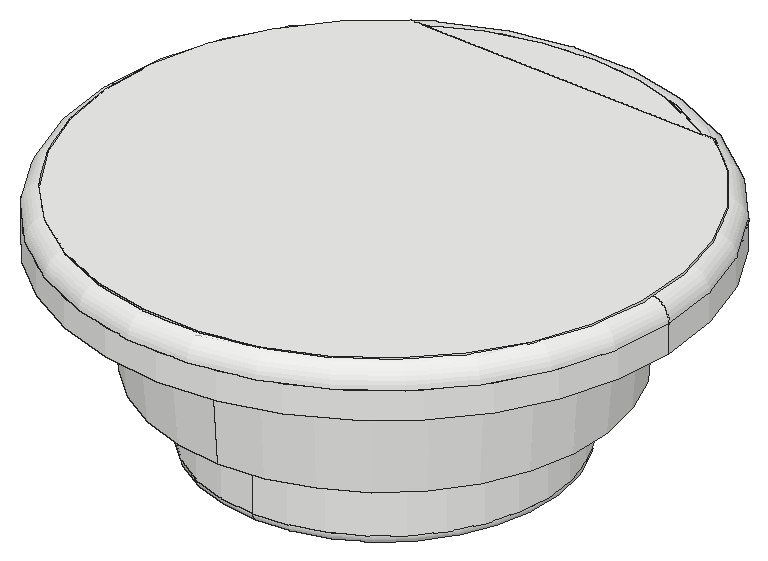
Revit family "Electronics_Commercial-Loudspeakers_Two-Way-Marine-Speaker_CMAR6T-W", category Communication Devices, host Face, Revit 2020
Family settings
  Host = Face
  Maintain Annotation Orientation = No
  Round Connector Dimension = Use Diameter
  Part Type = Normal
  OmniClass Number = 23.85.10.11.14.14.14
  OmniClass Title = Loudspeakers
  Cut with Voids When Loaded = No
  Shared = No
  Room Calculation Point = No
Parameters (values of type "CMAR6T-W")
  Grill Material = Biamp - Plastic - White(Grid)
  Frequency response in Hz = "78 - 20K"  # constant formula
  Woofer size in inch = "6.5"  # constant formula
  Vertical dispersion angle 1000 Hz = "180°"  # constant formula
  Tweeter size in inch = "1 inch"  # constant formula
  SPL 1W/1m in dB = "89"  # constant formula
  Max SPL 1m in dB = "104"  # constant formula
  Woofer cone material = "Polypropylene"  # constant formula
  Weight = 3.2408 lbf  # constant formula
  URL = "https://www.biamp.com/"
  Product data url = "https://bimobject.com/biamp/product/cmar6t-w_commercial-loudspeakers-ceiling"
  Product Page URL = "https://www.biamp.com/products/product-families/commercial-loudspeakers/ceiling-loudspeakers#cmar6t-w"
  Product Documentation Link = "https://downloads.biamp.com/assets/docs/default-source/data-sheets/biamp_data_sheet_cmar6t-w_aug20.pdf"
  Mounting system = "4 screws"  # constant formula
  Model = "CMAR6T-W"  # constant formula
  Manufacturer = "Biamp"  # constant formula
  Main construction material = "ABS plastic"  # constant formula
  Low impedance dynamic power in watts = "60"  # constant formula
  Low impedance RMS power in watts = "30"  # constant formula
  Loudspeaker system = "2-way"  # constant formula
  Installation grip range in mm = "1 - up"  # constant formula
  Impedance in ohms = "8"  # constant formula
  IP rating = "65"  # constant formula
  Housing Material = Biamp - Plastic - White
  Grille main material = "Stainless steel"  # constant formula
  Diameter = 0' - 7.48031"  # constant formula
  Description = "CMAR6T-W 6 Two-Way Built-in Marine Speaker 8 ohms/60W; 100V/20W"  # constant formula
  Depth = 0' - 2.40157"  # constant formula
  Default Elevation = 4' - 0"
  Cutout in mm = "151"  # constant formula
  Connector Description = "Terminal strip; Low impedance 8 ohms/60W, 100V operation"  # constant formula
  Colour = "White"  # constant formula
  Closest RAL colour (subject to deviations) = "RAL9003"  # constant formula
  Applicable low impedance = "Yes"  # constant formula
  Applicable in 100V = "Yes"  # constant formula
  100V transformer power taps in = "20 - 10 - 5 - 2.5"  # constant formula
Reference planes (in)
  plane 1 "Center (Front/Back)": y = 0
  plane 2: z = 0
  plane 3 "Center (Left/Right)": x = 0
Forms (in)
  Extrusion 1, solid, material "Biamp - Plastic - White" <- "Housing Material", detail levels coarse
    sketch origin (0, 0, 0) x (1, 0, 0) y (0, 1, 0)
      loop
        circle (0, 0) r 2.85433
    from -2.3622 to 0
  Extrusion 2, void
    sketch origin (0, 0, 0) x (1, 0, 0) y (0, 1, 0)
      loop
        circle (0, 0) r 2.85433
    from -2.3622 to 0
  Revolve 3, solid, material "Biamp - Plastic - White" <- "Housing Material", detail levels coarse
    sketch origin (0, 0, 0) x (1, 0, 0) y (0, 0, 1)
      loop
        line (0, 0) -> (0, 0.62992) -> (-3.45857, 0.62992)
        arc (-3.45857, 0.62992) -> (-3.65768, 0.54745) -> (-3.74016, 0.34834) r 0.28159
        line (-3.74016, 0.34834) -> (-3.74016, 0) -> (0, 0)
      axis (0, 0) -> (0, 0.62992)
    angle from 0 to 360
  Revolve 4, solid, material "Biamp - Plastic - White" <- "Housing Material", detail levels medium+fine
    sketch origin (0, 0, 0) x (1, 0, 0) y (0, 0, 1)
      loop
        line (0, 0) -> (0, 0.62992) -> (-3.45857, 0.62992)
        arc (-3.45857, 0.62992) -> (-3.65768, 0.54745) -> (-3.74016, 0.34834) r 0.28159
        line (-3.74016, 0.34834) -> (-3.74016, 0) -> (0, 0)
      axis (0, 0) -> (0, 0.62992)
    angle from 0 to 360
  Extrusion 5, void
    sketch origin (0, 0, 0) x (1, 0, 0) y (0, 1, 0)
      loop
        arc (-1.99504, 2.92828) -> (0, -3.54331) -> (1.99504, 2.92828) r 3.54331
        line (1.99504, 2.92828) -> (-1.99504, 2.92828)
    from 0.56493 to 0.62992
  Extrusion 6, solid, material "Biamp - Plastic - White(Grid)" <- "Grill Material", detail levels medium+fine
    sketch origin (0, 0, 0) x (1, 0, 0) y (0, 1, 0)
      loop
        line (1.99504, 2.92828) -> (-1.99504, 2.92828)
        arc (-1.99504, 2.92828) -> (0, -3.54331) -> (1.99504, 2.92828) r 3.54331
    from 0.56493 to 0.62992
  Revolve 7, solid, material "Biamp - Plastic - White" <- "Housing Material", detail levels medium+fine
    sketch origin (0, 0, 0) x (0, 1, 0) y (0, 0, 1)
      loop
        line (0, 0) -> (-2.85433, 0) -> (-2.73072, -1.41283) -> (-2.16084, -1.41283) -> (-2.16084, -2.24792)
        arc (-2.16084, -2.24792) -> (-2.12737, -2.32873) -> (-2.04656, -2.3622) r 0.11428
        line (-2.04656, -2.3622) -> (0, -2.3622) -> (0, 0)
      axis (0, 0) -> (0, -2.3622)
    angle from 0 to 360
  Extrusion 8, void
    sketch origin (0, 0.24606, 0) x (1, 0, 0) y (0, 1, 0)
      loop
        circle (0, -0.93002) r 0.59055
    from -2.76733 to -2.31363
Cuts and joins
  Extrusion 5, Extrusion 8 cuts Extrusion 1
  Extrusion 5, Extrusion 8 cuts Revolve 4
  Extrusion 8 cuts Revolve 3
  Extrusion 8 cuts Extrusion 6
  Extrusion 8 cuts Revolve 7
Lines and regions (in)
  Masking region 1
    outline origin (0, 0, 0) x (1, 0, 0) y (0, 1, 0)
      loop
        circle (0, 0) r 3.74016
  Masking region 2
    outline origin (0, 0, 0) x (1, 0, 0) y (0, 1, 0)
      loop
        line (1.99504, 2.92828) -> (-1.99504, 2.92828)
        arc (-1.99504, 2.92828) -> (0, -3.54331) -> (1.99504, 2.92828) r 3.54331
  Masking region 3
    outline origin (0, 0, 0) x (1, 0, 0) y (0, 0, 1)
      loop
        line (-2.85875, 0) -> (-2.85875, -2.3622) -> (2.84992, -2.3622) -> (2.84992, 0) -> (-2.85875, 0)
  Masking region 4
    outline origin (0, 0, 0) x (1, 0, 0) y (0, 0, 1)
      loop
        line (-3.74338, 0) -> (3.74271, 0) -> (3.74271, 0.35011)
        arc (3.74271, 0.35011) -> (3.66075, 0.54797) -> (3.46289, 0.62992) r 0.27982
        line (3.46289, 0.62992) -> (-3.46357, 0.62992)
        arc (-3.46357, 0.62992) -> (-3.66143, 0.54797) -> (-3.74338, 0.35011) r 0.27982
        line (-3.74338, 0.35011) -> (-3.74338, 0)
Dimensions and locks (in)
  aligned and locked: plane 2 to host face
  aligned and locked: level to host face
Connectors (in)
  electrical at (0, -0.68396, -2.31363), driven by "Connector Description"
    settings: on cut or joined group of Extrusion 1, Extrusion 5, Extrusion 8, index 1, voltage 0 V, apparent load 0 VA, apparent load phase1 0 VA, apparent load phase2 0 VA, apparent load phase3 0 VA, power factor 1, load classification "Other", number of poles 1, system type 5, power factor state 1, is connector primary yes, connector utility no, sub classification motor no, connector description "Terminal strip; Low impedance 8 ohms/60W, 100V operation"
